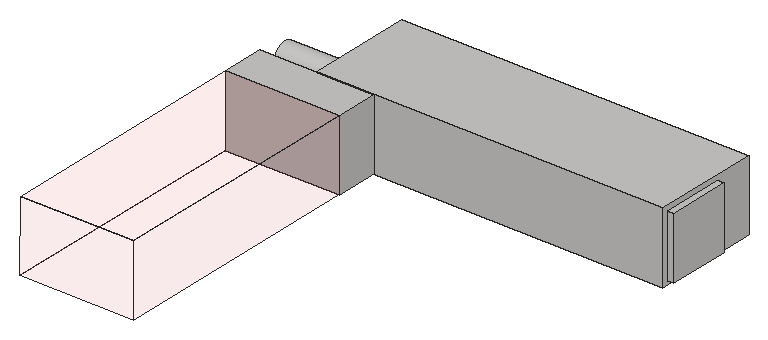
Revit family
Parameters (values of type "250 CFM - TSL - 4")
  Width = 1' - 3"
  Warning Box Material = Warning Box - Generic
  Voltage [instance] = 0 V
  Unit Size = "10"
  Unit Arrangement [instance] = ""
  URL = "http://www.johnsoncontrols.com/publish/us/en.html"
  Total Heating Capacity [instance] = 0.0 kW
  Supply Total Static Pressure [instance] = 0.00 in-wg
  Supply Fan Nominal HP = ""
  Standard [instance] = not(Sound Attenuator)  # yes
  Sound Attenuator [instance] = no
  Serial Number [instance] = ""
  SCCR [instance] = ""
  Round Intake Air Connector Description = if(CTRL Round Intake, "Supply Intake Air", "Disabled")  # "Supply Intake Air"
  Right Hand Control [instance] = yes
  Return Fan Nominal HP = ""
  Rectangular Intake Air Connector Description = if(CTRL Round Intake, "Disabled", "Supply Intake Air")  # "Disabled"
  Radiated Sound Power Level [instance] = ""
  Minimum Primary Air Flow [instance] = 0 CFM
  Maximum Primary Air Flow [instance] = 0 CFM
  Intake Air Connection Radius = if(1 = 1, Intake Air Connection Width / 2, 1' 0")  # 0' - 1 15/16"
  Radiated Noise Criteria [instance] = 0
  Product Page URL = "http://www.johnsoncontrols.com/publish/us/en/products/building_efficiency/integrated_hvac_systems/Industrial___Commercial_HVAC_Equipment/airside_products/variable-air-volume.html"
  Product Documentation Link = "http://www.johnsoncontrols.com/publish/etc/medialib/jci/be/integrated_hvac_systems/hvac_equipment/airside/variable-air-volume.Par.65345.File.dat/130.13-EG1.pdf"
  Primary Air Valve Material = Metal - Stainless Steel - Brushed - JCI - 22 Gauge
  Power Factor = 0.95
  Outlet Duct Length = 0' - 1"
  OmniClass Title = "Variable Volume Air Terminal Units"  # constant formula
  OmniClass Number = "23.75.70.21.24.14"  # constant formula
  Offset Access Door Center = 0' - 0"
  Number of Poles [instance] = 1
  Number Of Circuits = 0
  Model = "TSL"
  Minimum Air Flow = 0 CFM
  Maximum Noise Criteria [instance] = 0
  Maximum Air Flow = 0 CFM
  Manufacturer = "Johnson Controls, Inc."  # constant formula
  Length [instance] = if(and(Sound Attenuator, Intake Air Connection Height = 0' 8"), 3' 5", if(and(Sound Attenuator, not(Intake Air Connection Height = 0' 8")), 4' 2", CTRL Length))  # 4' - 0 77/128"
  Leaving Air Temperature [instance] = 85 °F
  Keynote = "15700"
  Intake Air Connection Width = 3 7/8"
  Intake Air Connection Height = 3 7/8"
  Intake Air Collar Length = 0' - 10 1/2"
  Height = 0' - 10"
  Heating Output [instance] = 0.0 kW
  Heating Air Flow [instance] = 0 CFM
  Full Load Current = 0 A
  Frame Material = Metal - Stainless Steel - Brushed - JCI - 22 Gauge
  Fan Motor Nominal HP = ""
  Family Revision Date = "05/07/2010"  # constant formula
  External Static Pressure [instance] = 0.50 in-wg
  Electrical Connection Description = "Power Connection"  # constant formula
  Discharge Sound Power Level [instance] = ""
  Discharge Noise Criteria [instance] = 0
  Discharge Air Connector Description = "Discharge Air Outlet"  # constant formula
  Discharge Air Connection Width = 8 3/4"
  Discharge Air Connection Height [instance] = if(and(Sound Attenuator, Intake Air Connection Height = 0' 8"), 0' 8", CTRL Discharge Air Connection Height)  # 8 3/4"
  Description = "Single-Duct, Low Height, VAV Terminals"  # constant formula
  Copyright © = "© 2009, Johnson Controls, Inc"  # constant formula
  Control Description = "DDC Control"
  Control Box Width = 0' - 6"
  Control Box Length = 1' - 4"
  Control Box Height = 0' - 10"
  Clearance Visible [instance] = yes
  CTRL Warning Box [instance] = or(Actual Discharge Air Flow > Maximum Air Flow, Actual Discharge Air Flow < Minimum Air Flow)  # no
  CTRL Round Intake = Width < 2' 6"  # yes
  CTRL Length = 4' - 0 77/128"
  CTRL Discharge Air Connection Height = 8 3/4"
  CTRL Connection Angle [instance] = if(Right Hand Control, 0.00°, 180.00°)  # 0.00°
  CTRL Connection Length = if(1 = 1, Width / 2, 0' 0")  # 0' - 7 1/2"
  CTRL Clearance Offset [instance] = if(Right Hand Control, Control Box Width + Width + Control Box Width + Box Clearance, 0' 0")  # 5' - 3"
  Box Clearance = 3' - 0"
  Assembly Code = "D3040100"
  Apparent Load [instance] = 0 VA
  Actual Primary Air Flow [instance] = Actual Discharge Air Flow  # 0 CFM
  Actual Discharge Air Flow [instance] = 0 CFM
  Access Door Type [instance] = VAV_Terminal-JCI-Access_Door-4x8-Rectangular : VAV_Terminal-JCI-Access_Door-4x8-Rectangular
Reference planes (in)
  plane 1 "Center (Front/Back)": y = 0
  plane 2 "Bottom": z = 0
  plane 3 "Center (Left/Right)": x = 0
  plane 4 "Main Box Left": x = -24.30078
  plane 5 "Water Coil Right": x = 24.30078
  plane 6 "Main Box Back": y = 7.5
  plane 7 "Main Box Front": y = -7.5
  plane 8 "Top": z = 10
  plane 9 "Intake Duct Left": x = -34.80078
  plane 10 "Water Coil Back": y = 9.375
  plane 11 "Water Coil Front": y = -9.375
  plane 12 "Intake Duct Front": y = -1.9375
  plane 13 "Intake Duct Back": y = 1.9375
  plane 14 "Connector Top": z = 6.9375
  plane 15 "Center (Elevation)": z = 5
  plane 16 "Connector Bottom": z = 3.0625
  plane 17 "Control Back": y = 13.5
  plane 18: y = -49.5
  plane 19 "Access Door Center": x = 0
  plane 20: x = 25.30078
  plane 21 "Electrical Hole Center": x = -28.80078
  plane 22 "Warning Box Right": x = 26.30078
  plane 23 "Warning Box Left": x = -33.30078
  plane 24 "Warning Box Top": z = 12
  plane 25 "Warning Box Bottom": z = -1.9375
  plane 26 "Warning Box Front": y = -14.5
  plane 27 "Warning Box Back": y = 14.5
Forms (in)
  Revolve 1, void
    sketch origin (-28.80078, 0, 0) x (0, -1, 0) y (0, 0, 1)
      loop
        line (7.5, 5) -> (7.25, 5) -> (7.25, 4.75) -> (7.5, 4.75) -> (7.5, 5)
      axis (7.25, 5) -> (7.5, 5)
    angle from 0 to 360
  Extrusion 2, solid, material "Warning Box - Generic" <- "Warning Box Material", visible <- "CTRL Warning Box"
    sketch origin (0, 0, 0) x (1, 0, 0) y (0, 1, 0)
      loop
        line (-33.30078, 14.5) -> (-33.30078, -14.5) -> (26.30078, -14.5) -> (26.30078, 14.5) -> (-33.30078, 14.5)
    from -1.9375 to 12
Lines and regions (in)
  Masking region 1, visible <- "CTRL Warning Box"
    outline origin (0, 0, 0) x (1, 0, 0) y (0, 1, 0)
      loop
        line (-34.80078, 14.5) -> (-34.80078, -14.5) -> (26.30078, -14.5) -> (26.30078, 14.5) -> (-34.80078, 14.5)
  Masking region 2, visible <- "CTRL Warning Box"
    outline origin (0, 0, 0) x (1, 0, 0) y (0, 0, 1)
      loop
        line (-33.30078, 12) -> (-33.30078, -1.9375) -> (26.30078, -1.9375) -> (26.30078, 12) -> (-33.30078, 12)
  Masking region 3, visible <- "CTRL Warning Box"
    outline origin (-28.80078, 0, 0) x (0, -1, 0) y (0, 0, 1)
      loop
        line (-14.5, 12) -> (-14.5, -1.9375) -> (14.5, -1.9375) -> (14.5, 12) -> (-14.5, 12)
Dimensions and locks (in)
  equal spacing: plane 4 "Main Box Left", plane 3 "Center (Left/Right)", plane 5 "Water Coil Right"
  "Length": plane 4 "Main Box Left" to plane 5 "Water Coil Right"
  equal spacing: plane 6 "Main Box Back", plane 1 "Center (Front/Back)", plane 7 "Main Box Front"
  "Width": plane 6 "Main Box Back" to plane 7 "Main Box Front"
  "Height": plane 8 "Top" to plane 2 "Bottom"
  "Intake Air Collar Length": plane 9 "Intake Duct Left" to plane 4 "Main Box Left"
  locked: plane 10 "Water Coil Back" to plane 11 "Water Coil Front" at 18.75
  equal spacing: plane 10 "Water Coil Back", plane 1 "Center (Front/Back)", plane 11 "Water Coil Front"
  equal spacing: plane 13 "Intake Duct Back", plane 1 "Center (Front/Back)", plane 12 "Intake Duct Front"
  "Intake Air Connection Width": plane 13 "Intake Duct Back" to plane 12 "Intake Duct Front"
  equal spacing: plane 8 "Top", plane 15 "Center (Elevation)", plane 2 "Bottom"
  "Intake Air Connection Height": plane 14 "Connector Top" to plane 16 "Connector Bottom"
  equal spacing: plane 14 "Connector Top", plane 15 "Center (Elevation)", plane 16 "Connector Bottom"
  "Control Box Width": plane 17 "Control Back" to plane 6 "Main Box Back"
  "CTRL Clearance Offset": plane 17 "Control Back" to plane 18
  "Offset Access Door Center": plane 19 "Access Door Center" to plane 3 "Center (Left/Right)"
  "Outlet Duct Length": plane 5 "Water Coil Right" to plane 20
  "CTRL Connection Length": Revolve 1 sketch curve to Revolve 1 sketch curve
  locked: Revolve 1 sketch curve to Revolve 1 sketch curve at 0.25  (x2)
  locked: plane 21 "Electrical Hole Center" to plane 4 "Main Box Left" at 4.5
  locked: plane 23 "Warning Box Left" to plane 4 "Main Box Left" at 9
  locked: plane 22 "Warning Box Right" to plane 5 "Water Coil Right" at 2
  locked: plane 2 "Bottom" to plane 25 "Warning Box Bottom" at 1.9375
  locked: plane 24 "Warning Box Top" to plane 8 "Top" at 2
  locked: plane 27 "Warning Box Back" to plane 6 "Main Box Back" at 7
  locked: plane 26 "Warning Box Front" to plane 7 "Main Box Front" at 7
  "CTRL Connection Angle": angle plane 15 "Center (Elevation)" to Revolve 1 sketch curve
  locked: Revolve 1 sketch curve to Revolve 1 sketch curve (angle 90.00°)  (x3)
  aligned and locked: plane 4 "Main Box Left" to nested 1
  aligned and locked: plane 8 "Top" to nested 1
  aligned and locked: plane 18 to nested 2
  aligned and locked: nested 3 to plane 4 "Main Box Left"
  aligned and locked: nested 3 to plane 7 "Main Box Front"
  aligned and locked: nested 2 to plane 4 "Main Box Left"
  aligned and locked: plane 19 "Access Door Center" to nested 4
  aligned and locked: plane 2 "Bottom" to nested 4
  aligned and locked: plane 1 "Center (Front/Back)" to nested 4
  aligned and locked: plane 1 "Center (Front/Back)" to nested 1
  aligned and locked: plane 1 "Center (Front/Back)" to Revolve 1 sketch curve
  aligned and locked: plane 15 "Center (Elevation)" to Revolve 1 sketch curve
  aligned and locked: Revolve 1 sketch curve to Revolve 1 sketch curve  (x2)
  aligned and locked: Extrusion 2 sketch curve to plane 23 "Warning Box Left"
  aligned and locked: Extrusion 2 sketch curve to plane 22 "Warning Box Right"
  aligned and locked: Extrusion 2 sketch curve to plane 27 "Warning Box Back"
  aligned and locked: Extrusion 2 sketch curve to plane 26 "Warning Box Front"
  aligned and locked: plane 24 "Warning Box Top" to Extrusion 2
  aligned and locked: plane 25 "Warning Box Bottom" to Extrusion 2
  aligned and locked: plane 2 "Bottom" to nested 2
  aligned and locked: plane 2 "Bottom" to nested 3
  aligned and locked: Masking region 1 sketch curve to plane 9 "Intake Duct Left"
  aligned and locked: Masking region 1 sketch curve to plane 27 "Warning Box Back"
  aligned and locked: Masking region 1 sketch curve to plane 22 "Warning Box Right"
  aligned and locked: Masking region 1 sketch curve to plane 26 "Warning Box Front"
  aligned and locked: Masking region 2 sketch curve to plane 23 "Warning Box Left"
  aligned and locked: Masking region 2 sketch curve to plane 24 "Warning Box Top"
  aligned and locked: Masking region 2 sketch curve to plane 22 "Warning Box Right"
  aligned and locked: Masking region 2 sketch curve to plane 25 "Warning Box Bottom"
  aligned and locked: Masking region 3 sketch curve to plane 27 "Warning Box Back"
  aligned and locked: Masking region 3 sketch curve to plane 26 "Warning Box Front"
  aligned and locked: Masking region 3 sketch curve to plane 24 "Warning Box Top"
  aligned and locked: Masking region 3 sketch curve to plane 25 "Warning Box Bottom"
Nested families (in)
  nested 1: "VAV_Terminal-JCI-Main_Box" at (0, 0, 0), Round Duct <- "CTRL Round Intake", type "Main Box"
    with Square Duct no, Round Duct yes, Width 1' - 3", Outlet Duct Width 0' - 8 3/4", Outlet Duct Height 0' - 8 3/4", Length 4' - 0 77/128"
  nested 2: "Include Clearance" at (-24.30078, -31.5, 0), visible <- "Clearance Visible", type "Include Clearance"
    with Width 1' - 4", Height 0' - 10", Clearance Top 0' - 0", Clearance Right 0' - 0", Clearance Left 0' - 0", Clearance Front 0' - 0", Clearance Bottom 0' - 0", Clearance Back 0' - 0"
  nested 3: "VAV_Terminal-JCI-Electrical_Control_Enclosure" at (-24.30078, 0, 0), type "Controls"
  nested 4: "VAV_Terminal-JCI-Access_Door-4x8-Rectangular" at (0, 0, -1.5), type <- "Access Door Type", type "VAV_Terminal-JCI-Access_Door-4x8-Rectangular"
Connectors (in)
  electrical at (-28.80078, -7.5, 5), driven by "Power Factor", driven by "Apparent Load", driven by "Voltage", driven by "Electrical Connection Description", driven by "Number of Poles", driven by "Apparent Load"
    settings: on Revolve 1, index 1
  hvac at (-34.80078, 0, 5), driven by "Intake Air Connection Height", driven by "Intake Air Connection Width", driven by "Rectangular Intake Air Connector Description", driven by "Actual Primary Air Flow"
    settings: on nested 1, index 2
  hvac at (-34.80078, 0, 5), driven by "Intake Air Connection Radius", driven by "Actual Primary Air Flow", driven by "Round Intake Air Connector Description"
    settings: on nested 1, index 3
  hvac at (25.30078, -2.5, 5), driven by "Discharge Air Connection Height", driven by "Discharge Air Connection Width", driven by "Actual Discharge Air Flow", driven by "Discharge Air Connector Description"
    settings: on nested 1, index 4
Definition of nested family "VAV_Terminal-JCI-Main_Box"
  Parameters (values of type "Main Box")
    Width = 1' - 7"
    Primary Air Valve Material = none
    Outlet Duct Length = 0' - 1"
    Outlet Duct Width = 0' - 10"
    Outlet Duct Height = 0' - 10"
    Square Duct [instance] = not(Round Duct)  # no
    Round Duct Radius = if(1 = 1, Intake Duct Width / 2, 0' 0")  # 0' - 1 15/16"
    Round Duct [instance] = yes
    No Water Coil = yes
    Material = none
    Manufacturer = "Johnson Controls, Inc."  # constant formula
    Length = 0' - 11 1/2"
    Height = 0' - 10"
    Intake Duct Width = 0' - 3 7/8"
    Intake Duct Length = 0' - 10 1/2"
    Intake Duct Height = 0' - 3 7/8"
    Assembly Code = ""
  Reference planes (in)
    plane 1 "Center (Front/Back)": y = 0
    plane 2 "Bottom": z = 0
    plane 3 "Center (Left/Right)": x = 0
    plane 4 "Back": y = 9.5
    plane 5 "Front": y = -9.5
    plane 6 "Left": x = -5.75
    plane 7 "Right": x = 5.75
    plane 8 "Duct Left": x = -16.25
    plane 9 "Duct Back": y = 1.9375
    plane 10 "Duct Front": y = -1.9375
    plane 11 "Top": z = 10
    plane 12 "Center (Elevation)": z = 5
    plane 13 "Duct Top": z = 6.9375
    plane 14 "Duct Bottom": z = 3.0625
    plane 15 "Outlet Duct Front": y = -8.875
    plane 16 "Outlet Duct Back": y = 1.125
    plane 17 "Outlet Duct Bottom": z = 0.625
    plane 18 "Outlet Duct Top": z = 10.625
    plane 19 "Offset Right": x = 6.75
  Forms (in)
    Extrusion 1, solid, material <- "Material", detail levels medium+fine
      sketch origin (0, 0, 0) x (1, 0, 0) y (0, 1, 0)
        loop
          line (-5.75, 9.5) -> (-5.75, -9.5) -> (5.75, -9.5) -> (5.75, 9.5) -> (-5.75, 9.5)
      from 0 to 10
    Extrusion 2, solid, material <- "Primary Air Valve Material", visible <- "Round Duct", detail levels medium+fine
      sketch origin (0, 0, 0) x (0, 1, 0) y (0, 0, 1)
        loop
          circle (0, 5) r 1.9375
      from -16.25 to -5.75
    Extrusion 3, solid, material <- "Material", visible <- "No Water Coil", detail levels medium+fine
      sketch origin (0, 0, 0) x (1, 0, 0) y (0, 1, 0)
        loop
          line (6.75, 1.125) -> (5.75, 1.125) -> (5.75, -8.875) -> (6.75, -8.875) -> (6.75, 1.125)
      from 0.625 to 10.625
    Extrusion 4, solid, material <- "Primary Air Valve Material", visible <- "Square Duct", detail levels medium+fine
      sketch origin (0, 0, 10) x (-1, 0, 0) y (0, -1, 0)
        loop
          line (16.25, -1.9375) -> (16.25, 1.9375) -> (5.75, 1.9375) -> (5.75, -1.9375) -> (16.25, -1.9375)
      from -6.9375 to -3.0625
  Lines and regions (in)
    Masking region 1
      outline origin (0, 0, 10) x (-1, 0, 0) y (0, -1, 0)
        loop
          line (5.75, -9.5) -> (5.75, 9.5) -> (-5.75, 9.5) -> (-5.75, -9.5) -> (5.75, -9.5)
    Masking region 2
      outline origin (0, 0, 0) x (1, 0, 0) y (0, 0, 1)
        loop
          line (-16.25, 6.9375) -> (-16.25, 3.0625) -> (-5.75, 3.0625) -> (-5.75, 0) -> (5.75, 0) -> (5.75, 10) -> (-5.75, 10) -> (-5.75, 6.9375) -> (-16.25, 6.9375)
    Masking region 3
      outline origin (0, 0, 0) x (0, 1, 0) y (0, 0, 1)
        loop
          line (-9.5, 10) -> (-9.5, 0) -> (9.5, 0) -> (9.5, 10) -> (-9.5, 10)
    Masking region 4, visible <- "No Water Coil"
      outline origin (5.75, 0, 0) x (0, -1, 0) y (0, 0, 1)
        loop
          line (8.875, 10.625) -> (-1.125, 10.625) -> (-1.125, 0.625) -> (8.875, 0.625) -> (8.875, 10.625)
    Masking region 5, visible <- "Round Duct"
      outline origin (-16.25, 0, 0) x (0, -1, 0) y (0, 0, 1)
        loop
          circle (0, 5) r 1.9375
    Masking region 6, visible <- "Square Duct"
      outline origin (-16.25, 0, 0) x (0, -1, 0) y (0, 0, 1)
        loop
          line (1.9375, 6.9375) -> (-1.9375, 6.9375) -> (-1.9375, 3.0625) -> (1.9375, 3.0625) -> (1.9375, 6.9375)
    Masking region 7, visible <- "No Water Coil"
      outline origin (0, 0, 10.625) x (-1, 0, 0) y (0, -1, 0)
        loop
          line (-6.75, -1.125) -> (-5.75, -1.125) -> (-5.75, 8.875) -> (-6.75, 8.875) -> (-6.75, -1.125)
    Masking region 8, visible <- "No Water Coil"
      outline origin (0, 0, 0) x (1, 0, 0) y (0, 0, 1)
        loop
          line (6.75, 10.625) -> (5.75, 10.625) -> (5.75, 0.625) -> (6.75, 0.625) -> (6.75, 10.625)
    Masking region 9
      outline origin (0, 0, 5) x (-1, 0, 0) y (0, -1, 0)
        loop
          line (16.25, -1.9375) -> (16.25, 1.9375) -> (5.75, 1.9375) -> (5.75, -1.9375) -> (16.25, -1.9375)
    model lines, style "VAV Terminal", detail levels coarse
      curve 1: line (-5.75, 9.5, 10) -> (5.75, 9.5, 10)
      curve 2: line (-5.75, -9.5, 10) -> (-5.75, 9.5, 10)
      curve 3: line (5.75, -9.5, 10) -> (-5.75, -9.5, 10)
      curve 4: line (5.75, 9.5, 10) -> (5.75, -9.5, 10)
      curve 5: line (-5.75, 9.5, 0) -> (5.75, 9.5, 0)
      curve 6: line (-5.75, -9.5, 0) -> (-5.75, 9.5, 0)
      curve 7: line (5.75, -9.5, 0) -> (-5.75, -9.5, 0)
      curve 8: line (5.75, 9.5, 0) -> (5.75, -9.5, 0)
      curve 13: line (-5.75, -9.5, 0) -> (-5.75, -9.5, 10)
      curve 14: line (5.75, -9.5, 0) -> (5.75, -9.5, 10)
      curve 15: line (-5.75, 9.5, 0) -> (-5.75, 9.5, 10)
      curve 16: line (5.75, 9.5, 0) -> (5.75, 9.5, 10)
      curve 20: line (-5.75, 0, 5) -> (-16.25, 0, 5)
      curve 21: line (5.75, 1.125, 0.625) -> (6.75, 1.125, 0.625)
      curve 22: line (6.75, -8.875, 0.625) -> (5.75, -8.875, 0.625)
      curve 23: line (5.75, 1.125, 0.625) -> (5.75, -8.875, 0.625)
    model lines, style "VAV Terminal", visible <- "No Water Coil", detail levels coarse
      curve 9: line (5.75, 1.125, 10.625) -> (6.75, 1.125, 10.625)
      curve 10: line (6.75, -8.875, 10.625) -> (6.75, 1.125, 10.625)
      curve 11: line (6.75, -8.875, 10.625) -> (5.75, -8.875, 10.625)
      curve 12: line (5.75, 1.125, 10.625) -> (5.75, -8.875, 10.625)
      curve 17: line (5.75, -8.875, 0.625) -> (5.75, -8.875, 10.625)
      curve 18: line (5.75, 1.125, 0.625) -> (5.75, 1.125, 10.625)
    symbolic lines, style "VAV Terminal", detail levels medium+fine
      curve 19: line (-5.75, 0, 3.0625) -> (-5.75, 0, 6.9375)
    model lines, detail levels coarse
      curve 24: line (6.75, -8.875, 10.625) -> (6.75, 1.125, 10.625)
      curve 25: line (6.75, -8.875, 0.625) -> (6.75, -8.875, 10.625)
      curve 26: line (6.75, 1.125, 0.625) -> (6.75, -8.875, 0.625)
      curve 27: line (6.75, 1.125, 10.625) -> (6.75, 1.125, 0.625)
  Dimensions and locks (in)
    equal spacing: plane 5 "Front", plane 1 "Center (Front/Back)", plane 4 "Back"
    "Width": plane 5 "Front" to plane 4 "Back"
    equal spacing: plane 6 "Left", plane 3 "Center (Left/Right)", plane 7 "Right"
    "Length": plane 6 "Left" to plane 7 "Right"
    "Intake Duct Length": plane 8 "Duct Left" to plane 6 "Left"
    equal spacing: plane 10 "Duct Front", plane 1 "Center (Front/Back)", plane 9 "Duct Back"
    "Intake Duct Width": plane 10 "Duct Front" to plane 9 "Duct Back"
    "Height": plane 11 "Top" to plane 2 "Bottom"
    equal spacing: plane 11 "Top", plane 12 "Center (Elevation)", plane 2 "Bottom"
    equal spacing: plane 13 "Duct Top", plane 12 "Center (Elevation)", plane 14 "Duct Bottom"
    "Intake Duct Height": plane 13 "Duct Top" to plane 14 "Duct Bottom"
    plane 5 "Front" to plane 15 "Outlet Duct Front" = 0' - 0 5/8"
    "Outlet Duct Width": plane 15 "Outlet Duct Front" to plane 16 "Outlet Duct Back"
    locked: plane 17 "Outlet Duct Bottom" to plane 2 "Bottom" at 0.625
    "Outlet Duct Height": plane 18 "Outlet Duct Top" to plane 17 "Outlet Duct Bottom"
    "Round Duct Radius": Extrusion 2 sketch curve to plane 1 "Center (Front/Back)"
    "Round Duct Radius": plane 12 "Center (Elevation)" to Extrusion 2 sketch curve
    "Round Duct Radius": Masking region 5 sketch curve to plane 1 "Center (Front/Back)"
    "Round Duct Radius": plane 12 "Center (Elevation)" to Masking region 5 sketch curve
    "Outlet Duct Length": plane 7 "Right" to plane 19 "Offset Right"
    aligned and locked: Extrusion 1 sketch curve to plane 4 "Back"
    aligned and locked: Extrusion 1 sketch curve to plane 5 "Front"
    aligned and locked: Extrusion 1 sketch curve to plane 6 "Left"
    aligned and locked: Extrusion 1 to plane 2 "Bottom"
    aligned and locked: plane 11 "Top" to Extrusion 1
    aligned and locked: plane 8 "Duct Left" to Extrusion 2
    aligned and locked: Extrusion 2 to plane 6 "Left"
    aligned and locked: Extrusion 3 sketch curve to plane 16 "Outlet Duct Back"
    aligned and locked: Extrusion 3 sketch curve to plane 15 "Outlet Duct Front"
    aligned and locked: Extrusion 3 sketch curve to plane 7 "Right"
    aligned and locked: plane 17 "Outlet Duct Bottom" to Extrusion 3
    aligned and locked: plane 18 "Outlet Duct Top" to Extrusion 3
    aligned and locked: curve 2 to plane 6 "Left"
    aligned and locked: curve 6 to plane 6 "Left"
    aligned and locked: curve 1 to plane 4 "Back"
    aligned and locked: curve 5 to plane 4 "Back"
    aligned and locked: curve 3 to plane 5 "Front"
    aligned and locked: curve 7 to plane 5 "Front"
    aligned and locked: curve 9 to plane 16 "Outlet Duct Back"
    aligned and locked: curve 11 to plane 15 "Outlet Duct Front"
    aligned and locked: curve 12 to plane 7 "Right"
    aligned and locked: plane 11 "Top" to curve 16
    aligned and locked: plane 11 "Top" to curve 14
    aligned and locked: plane 11 "Top" to curve 13
    aligned and locked: plane 11 "Top" to curve 15
    aligned and locked: plane 2 "Bottom" to curve 16
    aligned and locked: plane 2 "Bottom" to curve 14
    aligned and locked: plane 2 "Bottom" to curve 13
    aligned and locked: plane 2 "Bottom" to curve 15
    aligned and locked: curve 13 to plane 6 "Left"
    aligned and locked: curve 15 to plane 6 "Left"
    aligned and locked: plane 18 "Outlet Duct Top" to curve 18
    aligned and locked: plane 18 "Outlet Duct Top" to curve 17
    aligned and locked: plane 17 "Outlet Duct Bottom" to curve 18
    aligned and locked: plane 17 "Outlet Duct Bottom" to curve 17
    aligned and locked: plane 7 "Right" to curve 17
    aligned and locked: plane 7 "Right" to curve 18
    aligned and locked: Masking region 1 sketch curve to plane 4 "Back"
    aligned and locked: Masking region 1 sketch curve to plane 5 "Front"
    aligned and locked: Masking region 1 sketch curve to plane 6 "Left"
    aligned and locked: Masking region 2 sketch curve to plane 8 "Duct Left"
    aligned and locked: Masking region 2 sketch curve to plane 13 "Duct Top"
    aligned and locked: Masking region 2 sketch curve to plane 14 "Duct Bottom"
    aligned and locked: plane 2 "Bottom" to Masking region 2 sketch curve
    aligned and locked: Masking region 2 sketch curve to plane 6 "Left"  (x2)
    aligned and locked: Masking region 2 sketch curve to plane 11 "Top"
    aligned and locked: plane 13 "Duct Top" to curve 19
    aligned and locked: plane 14 "Duct Bottom" to curve 19
    aligned and locked: curve 19 to plane 6 "Left"
    aligned and locked: Masking region 3 sketch curve to plane 11 "Top"
    aligned and locked: Masking region 3 sketch curve to plane 4 "Back"
    aligned and locked: plane 2 "Bottom" to Masking region 3 sketch curve
    aligned and locked: Masking region 3 sketch curve to plane 5 "Front"
    aligned and locked: Masking region 4 sketch curve to plane 18 "Outlet Duct Top"
    aligned and locked: Masking region 4 sketch curve to plane 16 "Outlet Duct Back"
    aligned and locked: Masking region 4 sketch curve to plane 17 "Outlet Duct Bottom"
    aligned and locked: Masking region 4 sketch curve to plane 15 "Outlet Duct Front"
    aligned and locked: plane 6 "Left" to Extrusion 4 sketch curve
    aligned and locked: Extrusion 4 sketch curve to plane 10 "Duct Front"
    aligned and locked: Extrusion 4 sketch curve to plane 8 "Duct Left"
    aligned and locked: Extrusion 4 sketch curve to plane 9 "Duct Back"
    aligned and locked: plane 14 "Duct Bottom" to Extrusion 4
    aligned and locked: plane 13 "Duct Top" to Extrusion 4
    aligned and locked: Masking region 6 sketch curve to plane 13 "Duct Top"
    aligned and locked: Masking region 6 sketch curve to plane 10 "Duct Front"
    aligned and locked: Masking region 6 sketch curve to plane 14 "Duct Bottom"
    aligned and locked: Masking region 6 sketch curve to plane 9 "Duct Back"
    aligned and locked: Masking region 7 sketch curve to plane 15 "Outlet Duct Front"
    aligned and locked: Masking region 7 sketch curve to plane 16 "Outlet Duct Back"
    aligned and locked: Masking region 7 sketch curve to plane 7 "Right"
    aligned and locked: Masking region 8 sketch curve to plane 17 "Outlet Duct Bottom"
    aligned and locked: Masking region 8 sketch curve to plane 18 "Outlet Duct Top"
    aligned and locked: Masking region 8 sketch curve to plane 7 "Right"
    aligned and locked: plane 8 "Duct Left" to curve 20
    aligned and locked: plane 6 "Left" to curve 20
    aligned and locked: curve 20 to plane 1 "Center (Front/Back)"
    aligned and locked: Masking region 9 sketch curve to plane 8 "Duct Left"
    aligned and locked: plane 6 "Left" to Masking region 9 sketch curve
    aligned and locked: Masking region 9 sketch curve to plane 10 "Duct Front"
    aligned and locked: Masking region 9 sketch curve to plane 9 "Duct Back"
    aligned and locked: curve 22 to plane 15 "Outlet Duct Front"
    aligned and locked: curve 21 to plane 16 "Outlet Duct Back"
    aligned and locked: curve 23 to plane 7 "Right"
    aligned and locked: Masking region 7 sketch curve to plane 19 "Offset Right"
    aligned and locked: Extrusion 3 sketch curve to plane 19 "Offset Right"
    aligned and locked: Masking region 8 sketch curve to plane 19 "Offset Right"
    aligned and locked: curve 10 to Extrusion 3
    aligned and locked: curve 25 to plane 15 "Outlet Duct Front"
    aligned and locked: curve 24 to plane 18 "Outlet Duct Top"
    aligned and locked: curve 27 to plane 16 "Outlet Duct Back"
    aligned and locked: curve 26 to plane 17 "Outlet Duct Bottom"
    aligned and locked: plane 7 "Right" to Extrusion 1
    aligned and locked: Masking region 1 sketch curve to plane 7 "Right"
    aligned and locked: Masking region 2 sketch curve to plane 7 "Right"
    aligned and locked: curve 16 to plane 7 "Right"
    aligned and locked: curve 14 to plane 7 "Right"
    aligned and locked: curve 4 to plane 7 "Right"
    aligned and locked: curve 8 to plane 7 "Right"
  Automatic sketch dimensions
    Extrusion 2 sketch curve to plane 12 "Center (Elevation)" = 0' - 0"
    Masking region 5 sketch curve to plane 12 "Center (Elevation)" = 0' - 0"
    Extrusion 1 sketch curve to plane 7 "Right" = 0' - 0"
    curve 21 to plane 19 "Offset Right" = 0' - 0"
    curve 22 to plane 19 "Offset Right" = 0' - 0"
Definition of nested family "Include Clearance"
  Parameters (values of type "Include Clearance")
    Width = 3' - 0"
    Height = 3' - 0"
    Depth = 3' - 0"
    Clearance Top = 0' - 6"
    Clearance Right = 0' - 6"
    Clearance Material = Clearance
    Clearance Left = 0' - 6"
    Clearance Front = 0' - 6"
    Clearance Bottom = 0' - 6"
    Clearance Back = 0' - 6"
    Assembly Code = ""
  Reference planes (in)
    plane 1 "Center (Front/Back)": y = 0
    plane 2 "Bottom": z = 0
    plane 3 "Center (Left/Right)": x = 0
    plane 4 "Clearance Front": y = -24
    plane 5 "Top": z = 36
    plane 6 "Back": y = 18
    plane 7 "Left": x = -18
    plane 8 "Front": y = -18
    plane 9 "Right": x = 18
    plane 10 "Clearance Back": y = 24
    plane 11 "Clearance Left": x = -24
    plane 12 "Clearance Right": x = 24
    plane 13 "Clearance Top": z = 42
    plane 14 "Clearance Bottom": z = -6
    plane 15 "Center (Elevation)": z = 18
  Forms (in)
    Extrusion 1, solid, material "Clearance" <- "Clearance Material"
      sketch origin (0, 0, 36) x (-1, 0, 0) y (0, -1, 0)
        loop
          line (24, -24) -> (24, 24) -> (-24, 24) -> (-24, -24) -> (24, -24)
      from -42 to 6
  Lines and regions (in)
    symbolic lines, style "Clearance"
      curve 1: line (-24, 24, 36) -> (24, 24, 36)
      curve 2: line (-24, -24, 36) -> (-24, 24, 36)
      curve 3: line (24, -24, 36) -> (-24, -24, 36)
      curve 4: line (24, 24, 36) -> (24, -24, 36)
      curve 5: line (-24, 0, 42) -> (24, 0, 42)
      curve 6: line (-24, 0, -6) -> (-24, 0, 42)
      curve 7: line (24, 0, -6) -> (-24, 0, -6)
      curve 8: line (24, 0, 42) -> (24, 0, -6)
      curve 9: line (0, -24, 42) -> (0, 24, 42)
      curve 10: line (0, -24, -6) -> (0, -24, 42)
      curve 11: line (0, 24, -6) -> (0, -24, -6)
      curve 12: line (0, 24, 42) -> (0, 24, -6)
  Dimensions and locks (in)
    "Height": plane 5 "Top" to plane 2 "Bottom"
    "Depth": plane 6 "Back" to plane 8 "Front"
    "Width": plane 7 "Left" to plane 9 "Right"
    equal spacing: plane 7 "Left", plane 3 "Center (Left/Right)", plane 9 "Right"
    equal spacing: plane 6 "Back", plane 1 "Center (Front/Back)", plane 8 "Front"
    "Clearance Bottom": plane 2 "Bottom" to plane 14 "Clearance Bottom"
    "Clearance Top": plane 13 "Clearance Top" to plane 5 "Top"
    "Clearance Left": plane 11 "Clearance Left" to plane 7 "Left"
    "Clearance Right": plane 9 "Right" to plane 12 "Clearance Right"
    "Clearance Back": plane 10 "Clearance Back" to plane 6 "Back"
    "Clearance Front": plane 4 "Clearance Front" to plane 8 "Front"
    equal spacing: plane 5 "Top", plane 15 "Center (Elevation)", plane 2 "Bottom"
    aligned and locked: level to plane 2 "Bottom"
    aligned and locked: Extrusion 1 sketch curve to plane 10 "Clearance Back"
    aligned and locked: Extrusion 1 sketch curve to plane 11 "Clearance Left"
    aligned and locked: Extrusion 1 sketch curve to plane 12 "Clearance Right"
    aligned and locked: Extrusion 1 sketch curve to plane 4 "Clearance Front"
    aligned and locked: plane 14 "Clearance Bottom" to Extrusion 1
    aligned and locked: plane 13 "Clearance Top" to Extrusion 1
    aligned and locked: curve 1 to plane 10 "Clearance Back"
    aligned and locked: curve 2 to plane 11 "Clearance Left"
    aligned and locked: curve 4 to plane 12 "Clearance Right"
    aligned and locked: curve 3 to plane 4 "Clearance Front"
    aligned and locked: curve 5 to plane 13 "Clearance Top"
    aligned and locked: curve 6 to plane 11 "Clearance Left"
    aligned and locked: curve 7 to plane 14 "Clearance Bottom"
    aligned and locked: curve 8 to plane 12 "Clearance Right"
    aligned and locked: curve 9 to plane 13 "Clearance Top"
    aligned and locked: curve 11 to plane 14 "Clearance Bottom"
    aligned and locked: curve 12 to plane 10 "Clearance Back"
    aligned and locked: curve 10 to plane 4 "Clearance Front"
Definition of nested family "VAV_Terminal-JCI-Electrical_Control_Enclosure"
  Parameters (values of type "Controls")
    Width = 0' - 6"
    Unit Width = 1' - 4"
    Right Hand = yes
    Material = none
    Manufacturer = "Johnson Controls, Inc."  # constant formula
    Length = 1' - 4"
    Left Hand = not(Right Hand)  # no
    Hole Radius = 0' - 0 3/4"
    Hole Inside = yes
    Hole Front = not(Hole Inside)  # no
    Height = 0' - 10"
    CTRL Hole Length 2 = if(Hole Inside, Width / 2, 0' 3 1/2")  # 0' - 3"
    CTRL Hole Length = if(Hole Inside, Width / 2, 0' 3 1/2")  # 0' - 3"
    CTRL Hole Angle 2 = if(Hole Inside, 90.00°, 0.00°)  # 90.00°
    CTRL Hole Angle = if(Hole Inside, 90.00°, 0.00°)  # 90.00°
    Assembly Code = ""
  Reference planes (in)
    plane 1 "Center (Front/Back)": y = 0
    plane 2 "Bottom": z = 0
    plane 3 "Center (Left/Right)": x = 0
    plane 4 "Unit Front": y = -8
    plane 5 "Front": y = -14
    plane 6 "Left": x = -8
    plane 7 "Right": x = 8
    plane 8 "Top": z = 10
    plane 9 "Center (Elevation)": z = 5
    plane 10 "Unit Back": y = 8
    plane 11 "Back": y = 14
    plane 12 "Hole Back": x = -4.5
    plane 13 "Left Hole": y = 11
    plane 14 "Right Hole": y = -11
  Forms (in)
    Extrusion 1, solid, material <- "Material", visible <- "Right Hand", detail levels fine
      sketch origin (0, 0, 0) x (1, 0, 0) y (0, 1, 0)
        loop
          line (-8, -8) -> (-8, -14) -> (8, -14) -> (8, -8) -> (-8, -8)
      from 0 to 10
    Extrusion 2, solid, material <- "Material", visible <- "Left Hand", detail levels fine
      sketch origin (0, 0, 0) x (1, 0, 0) y (0, 1, 0)
        loop
          line (-8, 8) -> (8, 8) -> (8, 14) -> (-8, 14) -> (-8, 8)
      from 0 to 10
    Revolve 3, void
      sketch origin (0, 0, 5) x (-1, 0, 0) y (0, -1, 0)
        loop
          line (4.5, 8) -> (5.25, 8) -> (5.25, 9) -> (4.5, 9) -> (4.5, 8)
        axis (4.5, 9) -> (4.5, 8)
      angle from 0 to 360
    Revolve 4, void
      sketch origin (0, 0, 5) x (-1, 0, 0) y (0, -1, 0)
        loop
          line (4.5, -8) -> (4.5, -9) -> (5.25, -9) -> (5.25, -8) -> (4.5, -8)
        axis (4.5, -9) -> (4.5, -8)
      angle from 0 to 360
  Cuts and joins
    Revolve 3 cuts Extrusion 1
    Revolve 4 cuts Extrusion 2
  Lines and regions (in)
    Masking region 1, visible <- "Right Hand"
      outline origin (0, 0, 0) x (0, 1, 0) y (0, 0, 1)
        loop
          line (-14, 10) -> (-14, 0) -> (-8, 0) -> (-8, 10) -> (-14, 10)
    Masking region 2, visible <- "Right Hand"
      outline origin (0, -14, 0) x (-1, 0, 0) y (0, 0, 1)
        loop
          line (8, 10) -> (-8, 10) -> (-8, 0) -> (8, 0) -> (8, 10)
    Masking region 3, visible <- "Right Hand"
      outline origin (0, 0, 0) x (1, 0, 0) y (0, 1, 0)
        loop
          line (-8, -8) -> (-8, -14) -> (8, -14) -> (8, -8) -> (-8, -8)
    Masking region 4, visible <- "Left Hand"
      outline origin (0, 0, 0) x (0, -1, 0) y (1, 0, 0)
        loop
          line (-8, -8) -> (-8, 8) -> (-14, 8) -> (-14, -8) -> (-8, -8)
    Masking region 5, visible <- "Left Hand"
      outline origin (0, 14, 0) x (-1, 0, 0) y (0, 0, 1)
        loop
          line (8, 10) -> (-8, 10) -> (-8, 0) -> (8, 0) -> (8, 10)
    Masking region 6, visible <- "Left Hand"
      outline origin (0, 0, 0) x (0, 1, 0) y (0, 0, 1)
        loop
          line (8, 10) -> (8, 0) -> (14, 0) -> (14, 10) -> (8, 10)
    model lines, style "Electrical Box", visible <- "Right Hand", detail levels coarse+medium
      curve 1: line (-8, -8, 10) -> (8, -8, 10)
      curve 2: line (-8, -14, 10) -> (-8, -8, 10)
      curve 3: line (8, -14, 10) -> (-8, -14, 10)
      curve 4: line (8, -8, 10) -> (8, -14, 10)
      curve 5: line (-8, -8, 0) -> (8, -8, 0)
      curve 6: line (-8, -14, 0) -> (-8, -8, 0)
      curve 7: line (8, -14, 0) -> (-8, -14, 0)
      curve 8: line (8, -8, 0) -> (8, -14, 0)
      curve 9: line (-8, -14, 0) -> (-8, -14, 10)
      curve 10: line (8, -14, 0) -> (8, -14, 10)
      curve 11: line (-8, -8, 0) -> (-8, -8, 10)
      curve 12: line (8, -8, 0) -> (8, -8, 10)
    model lines, style "Electrical Box", visible <- "Left Hand", detail levels coarse+medium
      curve 13: line (-8, 8, 10) -> (8, 8, 10)
      curve 14: line (-8, 14, 10) -> (-8, 8, 10)
      curve 15: line (8, 14, 10) -> (-8, 14, 10)
      curve 16: line (8, 8, 10) -> (8, 14, 10)
      curve 17: line (-8, 8, 0) -> (8, 8, 0)
      curve 18: line (-8, 14, 0) -> (-8, 8, 0)
      curve 19: line (8, 14, 0) -> (-8, 14, 0)
      curve 20: line (8, 8, 0) -> (8, 14, 0)
      curve 21: line (-8, 14, 0) -> (-8, 14, 10)
      curve 22: line (8, 14, 0) -> (8, 14, 10)
      curve 23: line (-8, 8, 0) -> (-8, 8, 10)
      curve 24: line (8, 8, 0) -> (8, 8, 10)
  Dimensions and locks (in)
    equal spacing: plane 6 "Left", plane 3 "Center (Left/Right)", plane 7 "Right"
    "Length": plane 6 "Left" to plane 7 "Right"
    "Height": plane 8 "Top" to plane 2 "Bottom"
    equal spacing: plane 8 "Top", plane 9 "Center (Elevation)", plane 2 "Bottom"
    equal spacing: plane 10 "Unit Back", plane 1 "Center (Front/Back)", plane 4 "Unit Front"
    "Unit Width": plane 10 "Unit Back" to plane 4 "Unit Front"
    "Width": plane 10 "Unit Back" to plane 11 "Back"
    "Width": plane 4 "Unit Front" to plane 5 "Front"
    locked: plane 6 "Left" to plane 12 "Hole Back" at 3.5
    equal spacing: plane 5 "Front", plane 14 "Right Hole", plane 4 "Unit Front"
    equal spacing: plane 10 "Unit Back", plane 13 "Left Hole", plane 11 "Back"
    "CTRL Hole Length": Revolve 3 sketch curve to Revolve 3 sketch curve
    "Hole Radius": Revolve 3 sketch curve to Revolve 3 sketch curve
    locked: Revolve 3 sketch curve to Revolve 3 sketch curve at 1
    "CTRL Hole Length 2": Revolve 4 sketch curve to Revolve 4 sketch curve
    "Hole Radius": Revolve 4 sketch curve to Revolve 4 sketch curve
    locked: Revolve 4 sketch curve to Revolve 4 sketch curve at 1
    "CTRL Hole Angle": angle Revolve 3 sketch curve to plane 14 "Right Hole"
    locked: Revolve 3 sketch curve to Revolve 3 sketch curve (angle 90.00°)  (x3)
    locked: Revolve 4 sketch curve to Revolve 4 sketch curve (angle 90.00°)  (x3)
    "CTRL Hole Angle 2": angle plane 13 "Left Hole" to Revolve 4 sketch curve
    aligned and locked: Extrusion 1 sketch curve to plane 6 "Left"
    aligned and locked: Extrusion 1 sketch curve to plane 5 "Front"
    aligned and locked: Extrusion 1 sketch curve to plane 7 "Right"
    aligned and locked: Extrusion 1 sketch curve to plane 4 "Unit Front"
    aligned and locked: Extrusion 1 to plane 2 "Bottom"
    aligned and locked: plane 8 "Top" to Extrusion 1
    aligned and locked: Masking region 1 sketch curve to plane 8 "Top"
    aligned and locked: plane 2 "Bottom" to Masking region 1 sketch curve
    aligned and locked: Masking region 1 sketch curve to plane 4 "Unit Front"
    aligned and locked: Masking region 1 sketch curve to plane 5 "Front"
    aligned and locked: plane 2 "Bottom" to Masking region 2 sketch curve
    aligned and locked: Masking region 2 sketch curve to plane 8 "Top"
    aligned and locked: Masking region 2 sketch curve to plane 7 "Right"
    aligned and locked: Masking region 2 sketch curve to plane 6 "Left"
    aligned and locked: Masking region 3 sketch curve to plane 4 "Unit Front"
    aligned and locked: Masking region 3 sketch curve to plane 5 "Front"
    aligned and locked: Masking region 3 sketch curve to plane 7 "Right"
    aligned and locked: Masking region 3 sketch curve to plane 6 "Left"
    aligned and locked: curve 2 to plane 6 "Left"
    aligned and locked: curve 6 to plane 6 "Left"
    aligned and locked: curve 4 to plane 7 "Right"
    aligned and locked: curve 8 to plane 7 "Right"
    aligned and locked: curve 3 to plane 5 "Front"
    aligned and locked: curve 7 to plane 5 "Front"
    aligned and locked: curve 1 to plane 4 "Unit Front"
    aligned and locked: curve 5 to plane 4 "Unit Front"
    aligned and locked: plane 8 "Top" to curve 12
    aligned and locked: plane 8 "Top" to curve 10
    aligned and locked: plane 8 "Top" to curve 9
    aligned and locked: plane 8 "Top" to curve 11
    aligned and locked: plane 2 "Bottom" to curve 12
    aligned and locked: plane 2 "Bottom" to curve 10
    aligned and locked: plane 2 "Bottom" to curve 9
    aligned and locked: plane 2 "Bottom" to curve 11
    aligned and locked: plane 7 "Right" to curve 10
    aligned and locked: plane 7 "Right" to curve 12
    aligned and locked: curve 9 to plane 6 "Left"
    aligned and locked: curve 11 to plane 6 "Left"
    aligned and locked: plane 11 "Back" to Extrusion 2 sketch curve
    aligned and locked: plane 10 "Unit Back" to Extrusion 2 sketch curve
    aligned and locked: Masking region 4 sketch curve to plane 10 "Unit Back"
    aligned and locked: Masking region 4 sketch curve to plane 11 "Back"
    aligned and locked: plane 6 "Left" to Masking region 4 sketch curve
    aligned and locked: plane 7 "Right" to Masking region 4 sketch curve
    aligned and locked: plane 6 "Left" to Extrusion 2 sketch curve
    aligned and locked: plane 7 "Right" to Extrusion 2 sketch curve
    aligned and locked: plane 11 "Back" to curve 15
    aligned and locked: plane 11 "Back" to curve 19
    aligned and locked: plane 6 "Left" to curve 14
    aligned and locked: plane 6 "Left" to curve 18
    aligned and locked: plane 7 "Right" to curve 16
    aligned and locked: plane 7 "Right" to curve 20
    aligned and locked: plane 10 "Unit Back" to curve 13
    aligned and locked: plane 10 "Unit Back" to curve 17
    aligned and locked: Masking region 5 sketch curve to plane 8 "Top"
    aligned and locked: plane 2 "Bottom" to Masking region 5 sketch curve
    aligned and locked: Masking region 5 sketch curve to plane 7 "Right"
    aligned and locked: Masking region 5 sketch curve to plane 6 "Left"
    aligned and locked: plane 2 "Bottom" to Masking region 6 sketch curve
    aligned and locked: Masking region 6 sketch curve to plane 11 "Back"
    aligned and locked: Masking region 6 sketch curve to plane 10 "Unit Back"
    aligned and locked: Masking region 6 sketch curve to plane 8 "Top"
    aligned and locked: Extrusion 2 to plane 2 "Bottom"
    aligned and locked: plane 8 "Top" to Extrusion 2
    aligned and locked: plane 8 "Top" to curve 21
    aligned and locked: plane 8 "Top" to curve 23
    aligned and locked: plane 8 "Top" to curve 24
    aligned and locked: plane 8 "Top" to curve 22
    aligned and locked: plane 2 "Bottom" to curve 22
    aligned and locked: plane 2 "Bottom" to curve 24
    aligned and locked: plane 2 "Bottom" to curve 23
    aligned and locked: plane 2 "Bottom" to curve 21
    aligned and locked: curve 23 to plane 6 "Left"
    aligned and locked: curve 21 to plane 6 "Left"
    aligned and locked: plane 7 "Right" to curve 24
    aligned and locked: plane 7 "Right" to curve 22
    aligned and locked: plane 12 "Hole Back" to Revolve 3 sketch curve
    aligned and locked: plane 14 "Right Hole" to Revolve 3 sketch curve
    aligned and locked: Revolve 3 sketch curve to Revolve 3 sketch curve  (x2)
    aligned and locked: plane 12 "Hole Back" to Revolve 4 sketch curve
    aligned and locked: plane 13 "Left Hole" to Revolve 4 sketch curve
    aligned and locked: Revolve 4 sketch curve to Revolve 4 sketch curve  (x2)
Definition of nested family "VAV_Terminal-JCI-Access_Door-4x8-Rectangular"
  Parameters
    Frame Material = none
  Reference planes (in)
    plane 1 "Center (Front/Back)": y = 0
    plane 2 "Bottom": z = 0
    plane 3 "Center (Left/Right)": x = 0
    plane 4 "Left": x = -2
    plane 5 "Right": x = 2
    plane 6 "Back": y = 4
    plane 7 "Front": y = -4
    plane 8 "Top": z = 1.5
  Forms (in)
    Extrusion 1, solid, material <- "Frame Material", detail levels fine
      sketch origin (0, 0, 0) x (1, 0, 0) y (0, 1, 0)
        loop
          line (-2, 4) -> (-2, -4) -> (2, -4) -> (2, 4) -> (-2, 4)
      from 0 to 1.5
  Lines and regions (in)
    Masking region 1, detail levels fine
      outline origin (0, 0, 0) x (1, 0, 0) y (0, 0, 1)
        loop
          line (-2, 1.5) -> (-2, 0) -> (2, 0) -> (2, 1.5) -> (-2, 1.5)
    Masking region 2, detail levels fine
      outline origin (0, 0, 0) x (0, 1, 0) y (0, 0, 1)
        loop
          line (4, 1.5) -> (-4, 1.5) -> (-4, 0) -> (4, 0) -> (4, 1.5)
  Dimensions and locks (in)
    equal spacing: plane 6 "Back", plane 1 "Center (Front/Back)", plane 7 "Front"
    locked: plane 6 "Back" to plane 7 "Front" at 8
    equal spacing: plane 4 "Left", plane 3 "Center (Left/Right)", plane 5 "Right"
    locked: plane 4 "Left" to plane 5 "Right" at 4
    locked: plane 8 "Top" to plane 2 "Bottom" at 1.5
    aligned and locked: Extrusion 1 sketch curve to plane 4 "Left"
    aligned and locked: Extrusion 1 sketch curve to plane 7 "Front"
    aligned and locked: Extrusion 1 sketch curve to plane 5 "Right"
    aligned and locked: Extrusion 1 sketch curve to plane 6 "Back"
    aligned and locked: plane 8 "Top" to Extrusion 1
    aligned and locked: Masking region 1 sketch curve to plane 4 "Left"
    aligned and locked: Masking region 1 sketch curve to plane 8 "Top"
    aligned and locked: Masking region 1 sketch curve to plane 5 "Right"
    aligned and locked: plane 2 "Bottom" to Masking region 1 sketch curve
    aligned and locked: Masking region 2 sketch curve to plane 6 "Back"
    aligned and locked: Masking region 2 sketch curve to plane 8 "Top"
    aligned and locked: Masking region 2 sketch curve to plane 7 "Front"
    aligned and locked: plane 2 "Bottom" to Masking region 2 sketch curve
